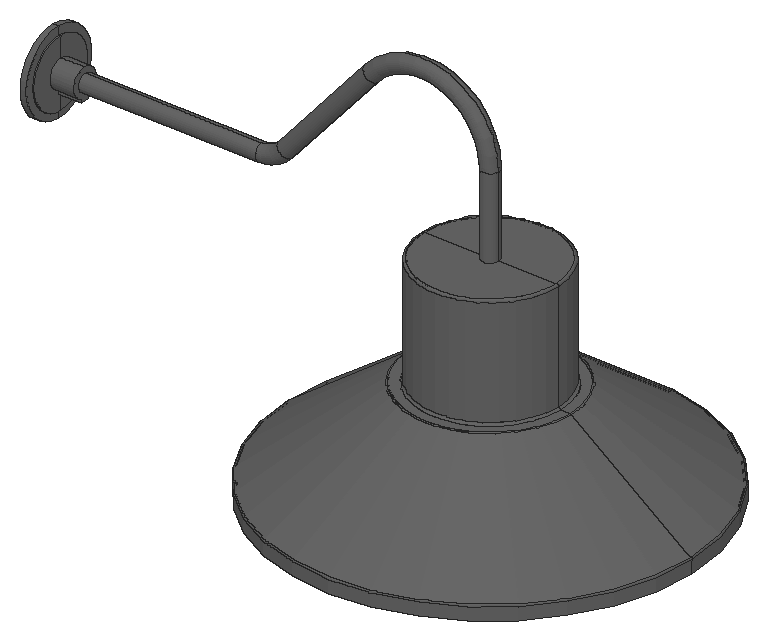
Revit family "VEC 12,16,20,24", category Lighting Fixtures, Revit 2020
Family settings
  Round Connector Dimension = Use Diameter
  Part Type = Normal
  OmniClass Number = 23.80.70.00
  OmniClass Title = Lighting
  Work Plane-Based = No
  Always vertical = Yes
  Cut with Voids When Loaded = No
  Light Source = Yes
  Shared = No
  Room Calculation Point = No
Parameters (values of type "VEC24")
  b = 0' - 0"
  a = 0' - 8 1/2"
  Weight = "6.0lb"
  Wattage Comments = "16W"
  Wattage = 13.4642 W
  Warranty = "5 year limited warranty"  # constant formula
  built-in parameter 1150110 = 1 (stored number, unit not read)
  Voltage = 220 V  # constant formula
  VEC24 = yes
  VEC20 = no
  VEC16 = no
  VEC12 = no
  URL = "https://www.anplighting.com/assets/Uploads/product-attachments/specification-sheets/ANP-Specification-Sheet-RLM-LED-VEC24.pdf"
  built-in parameter 1114217 = 1 (stored number, unit not read)
  Tilt Angle = 90.00°
  built-in parameter 1150109 = 1 (stored number, unit not read)
  built-in parameter 1150134 = 12
  built-in parameter 1150113 = 1 (stored number, unit not read)
  Photometric Web File = "VEC24M016LDDW40K.ies"
  Mounting Option [instance] = 2
  Power Factor = 1
  Post Mount [instance] = Mounting Option = 5  # no
  Placement X axis side [instance] = if(Post Mount, 2' 2 15/32", if(Cord or Stem Mount, 0' 0", if(E36 20 inch, 1' 8 1/4", if(E 6 26 inch, 2' 2", if(E7 41 inch, 3' 5 1/4", 0' 1")))))  # 2' - 2"
  Model = "VEC24"
  Manufacturer = "ANP Lighting"  # constant formula
  built-in parameter 1150105 = 159.15 (stored number, unit not read)
  Lumens = 2000 lm
  built-in parameter 1150115 = 1 (stored number, unit not read)
  Load Classification = Lighting
  Light Source Height [instance] = 0' - 0"
  built-in parameter 1150137 = (empty or 0)
  built-in parameter 1150139 = (empty or 0)
  Light Elevation _2 [instance] = if(Post Mount, 0' 0.66142", if(E7 41 inch, 0' 0.66142", if(E36 20 inch, 0' 1.65748", if(E 6 26 inch, 0' 1.53543", if(Cord or Stem Mount, (0' 4.3622" + Cord Length), 0' 0")))))  # 0' - 1.53543"
  Light Elevation _1 [instance] = if(Post Mount, 0' 0", if(E7 41 inch, 0' 0", if(E36 20 inch, 0' 1", if(E 6 26 inch, 0' 0.87402", if(Cord or Stem Mount, (0' 3.66142" + Cord Length), 0' 0")))))  # 0' - 0.87402"
  Light Elevation [instance] = if(Post Mount, 14' 0.5315", if(E7 41 inch, 0' 0", 0' 0"))  # 0' - 0"
  Life = "L70 50,000 hours"  # constant formula
  built-in parameter 1150112 = 1 (stored number, unit not read)
  built-in parameter 1150114 = 1 (stored number, unit not read)
  Lamp = "LED"
  built-in parameter 1150132 = 2
  built-in parameter 1150102 = (empty or 0)
  built-in parameter 1150107 = 4000 (stored number, unit not read)
  built-in parameter 1150138 = (empty or 0)
  built-in parameter 1150106 = 1.5915 (stored number, unit not read)
  HUB = Steel, Paint Finish, Dark Gray, Matte
  Fixture Height = 1' - 0 5/8"
  Fixture Diameter = 2' - 0"
  Efficiency = "71-108 lumens per watt"  # constant formula
  built-in parameter 1150104 = 13.8 (stored number, unit not read)
  E7 41 inch [instance] = Mounting Option = 4  # no
  E36 20 inch [instance] = Mounting Option = 3  # no
  E 6 26 inch [instance] = Mounting Option = 2  # yes
  Dimming Lamp Color Temperature Shift = <None>
  Dimming = "1%"  # constant formula
  Description = "120-277 Voltage"  # constant formula
  Default Elevation = 0' - 0"
  Cord or Stem Mount [instance] = Mounting Option = 1  # no
  Cord Length option [instance] = 0
  Cord Length [instance] = if([2' Cord], 2' 0", if([4' Cord], 4' 0", if([8' Cord], 8' 0", if([10' Cord], 10' 0", if([6' Cord], 6' 0", 6' 0")))))  # 6' - 0"
  Construction Material = "Heavy Duty spun aluminum."  # constant formula
  Color Filter = 16777215
  Canopy Body = body
  CRI = ">90"  # constant formula
  Bulb = Bulb
  Body Material = body
  Body Colour = "Spun aluminium"  # constant formula
  built-in parameter 1114218 = 1 (stored number, unit not read)
  built-in parameter 1150133 = 10 (stored number, unit not read)
  Apparent Load = 16 VA
  8' Cord [instance] = Cord Length option = 8  # no
  6' Cord [instance] = Cord Length option = 6  # no
  4' Cord [instance] = Cord Length option = 4  # no
  2' Cord [instance] = Cord Length option = 2  # no
  10' Cord [instance] = Cord Length option = 10  # no
Types (5): name | a | Weight | VEC24 | VEC20 | VEC16 | VEC12 | URL | Photometric Web File | Model | Fixture Height | Fixture Diameter
  (no name) | 0' - 8 1/2" | "6.0lb" | yes | no | no | no | "https://www.anplighting.com/assets/Uploads/product-attachments/specification-sheets/ANP-Specification-Sheet-RLM-LED-VEC24.pdf" | "VEC24M016LDDW40K.ies" | "VEC24" | 1' - 0 5/8" | 2' - 0"
  VEC12 | 0' - 6" | "2.0lb" | no | no | no | yes | "https://www.anplighting.com/assets/Uploads/product-attachments/specification-sheets/ANP-Specification-Sheet-RLM-LED-VEC12.pdf" | "VEC12M016LDDW40K.ies" | "VEC12" | 0' - 6 5/16" | 1' - 0"
  VEC16 | 0' - 6" | "3.0lb" | no | no | yes | no | "https://www.anplighting.com/assets/Uploads/product-attachments/specification-sheets/ANP-Specification-Sheet-RLM-LED-VEC16.pdf" | "VEC16M016LDDW40K.ies" | "VEC16" | 0' - 8 3/8" | 1' - 4"
  VEC20 | 0' - 7 1/2" | "6.0lb" | no | yes | no | no | "https://www.anplighting.com/assets/Uploads/product-attachments/specification-sheets/ANP-Specification-Sheet-RLM-LED-VEC20.pdf" | "VEC20M016LDDW40K.ies" | "VEC20" | 0' - 10 1/2" | 1' - 8"
  VEC24 | 0' - 8 1/2" | "6.0lb" | yes | no | no | no | "https://www.anplighting.com/assets/Uploads/product-attachments/specification-sheets/ANP-Specification-Sheet-RLM-LED-VEC24.pdf" | "VEC24M016LDDW40K.ies" | "VEC24" | 1' - 0 5/8" | 2' - 0"
Reference planes (in)
  plane 1 "Light Source Axis (F/B)": y = 0
  plane 2: z = 0
  plane 3 "Light Source Axis (L/R)": x = 0
  plane 4 "Light Source Elevation": z = 0
  plane 5: z = 0
  plane 6: x = 26
  plane 7 "Bulb Position": z = -1.53543
  plane 8 "Canopy Position": z = -0.87402
  plane 9 "IES": z = -1.53543
  plane 10: z = 164.5315
  plane 11: z = -9.37402
  plane 12: z = -9.37402
  plane 13: z = -6.94289
Dimensions and locks (in)
  "Light Elevation": plane 5 to plane 2
  "Placement X axis side": plane 6 to plane 3 "Light Source Axis (L/R)"
  "Light Elevation _2": plane 5 to plane 7 "Bulb Position"
  "Light Elevation _1": plane 5 to plane 8 "Canopy Position"
  "Light Source Height": plane 7 "Bulb Position" to plane 9 "IES"
  locked: plane 4 "Light Source Elevation" to plane 2
  "a": plane 8 "Canopy Position" to plane 11
  "b": plane 12 to plane 11
  locked: plane 13 to plane 12 at 2.43113
  aligned and locked: level to plane 2
  aligned and locked: plane 1 "Light Source Axis (F/B)" to nested 5
  aligned and locked: nested 5 to plane 2
  aligned and locked: nested 1 to plane 3 "Light Source Axis (L/R)"
  aligned and locked: plane 3 "Light Source Axis (L/R)" to nested 2
  aligned and locked: plane 3 "Light Source Axis (L/R)" to nested 4
  aligned and locked: nested 3 to plane 5
  aligned and locked: plane 3 "Light Source Axis (L/R)" to nested 3
  aligned and locked: plane 1 "Light Source Axis (F/B)" to nested 2
  aligned and locked: plane 1 "Light Source Axis (F/B)" to nested 1
  aligned and locked: plane 1 "Light Source Axis (F/B)" to nested 4
  aligned and locked: plane 1 "Light Source Axis (F/B)" to nested 3
  aligned and locked: plane 2 to nested 1
  aligned and locked: plane 2 to nested 2
  aligned and locked: nested 4 to plane 2
  aligned and locked: plane 6 to imposter light
  aligned and locked: imposter light to plane 12
  aligned and locked: imposter light to plane 1 "Light Source Axis (F/B)"
  aligned and locked: nested 6 to plane 8 "Canopy Position"
  aligned and locked: nested 7 to plane 8 "Canopy Position"
  aligned and locked: nested 8 to plane 8 "Canopy Position"
  aligned and locked: nested 9 to plane 8 "Canopy Position"
  aligned and locked: plane 6 to nested 6
  aligned and locked: plane 6 to nested 7
  aligned and locked: plane 6 to nested 8
  aligned and locked: plane 6 to nested 9
Nested families (in)
  nested 1: "CORD OR STEM MOUNT" at (0, 0, -75.67), visible <- "Cord or Stem Mount", Cord or Stem Mount <- "Cord or Stem Mount", Body Material <- "Body Material", Light Elevation <- "Light Elevation", Cord Length <- "Cord Length", 10' Cord <- "10' Cord", 2' Cord <- "2' Cord", 4' Cord <- "4' Cord", 6' Cord <- "6' Cord", 8' Cord <- "8' Cord", type "CORD OR STEM MOUNT"
    with Light Elevation 0' - 0", Cord or Stem Mount no, Cord Length 6' - 0", Body Material body, 8' Cord no, 6' Cord no, 4' Cord no, 2' Cord no, 10' Cord no
  nested 2: "E6 26 INCH" at (26, 0, 0), visible <- "E 6 26 inch", Chain Length <- "Cord Length", E 6 26 inch <- "E 6 26 inch", Placement X axis side <- "Placement X axis side", Body Material <- "Body Material", Light Elevation <- "Light Elevation", type "E6 26 INCH"
    with Placement X axis side 2' - 2", Light Elevation 0' - 0", E 6 26 inch yes, Chain Length 6' - 0", Body Material body
  nested 3: "E7 41 INCH" at (26, 0, 0), Chain Length <- "Cord Length", visible <- "E7 41 inch", E7 41 inch <- "E7 41 inch", Placement X axis side <- "Placement X axis side", Body Material <- "Body Material", Light Elevation <- "Light Elevation", type "E7 41 INCH"
    with Placement X axis side 2' - 2", Light Elevation 0' - 0", E7 41 inch no, Chain Length 6' - 0", Body Material body
  nested 4: "E36 20 INCH" at (26, 0, 0), visible <- "E36 20 inch", E36 20 inch <- "E36 20 inch", Placement X axis side <- "Placement X axis side", Chain Length <- "Cord Length", Body Material <- "Body Material", Light Elevation <- "Light Elevation", type "E36 20 INCH"
    with Placement X axis side 2' - 2", Light Elevation 0' - 0", E36 20 inch no, Chain Length 6' - 0", Body Material body
  nested 5: "POST MOUNT" at (26, 0, 0), visible <- "Post Mount", Post Mount <- "Post Mount", Placement X axis side <- "Placement X axis side", Chain Length <- "Cord Length", Body Material <- "Body Material", Light Elevation <- "Light Elevation", type "POST MOUNT"
    with Post Mount no, Placement X axis side 2' - 2", Light Elevation 0' - 0", Chain Length 6' - 0", Body Material body
  nested 6: "VEC12 A" at (26, 0, -0.87402), Body <- "Canopy Body", Light Elevation <- "Light Elevation", VEC12 <- "VEC12", visible <- "VEC12", INSIDE BODY <- "HUB", Bulb <- "Bulb", type "VEC12 A"
    with VEC12 no, Light Elevation 0' - 0", INSIDE BODY Steel, Paint Finish, Dark Gray, Matte, Bulb Bulb, Body body
  nested 7: "VEC16 A" at (26, 0, -0.87402), Body <- "Canopy Body", Light Elevation <- "Light Elevation", VEC16 <- "VEC16", visible <- "VEC16", Bulb <- "Bulb", type "VEC16 A"
    with VEC16 no, Light Elevation 0' - 0", INSIDE BODY none, Bulb Bulb, Body body
  nested 8: "VEC20 A" at (26, 0, -0.87402), Body <- "Canopy Body", Light Elevation <- "Light Elevation", VEC20 <- "VEC20", visible <- "VEC20", Bulb <- "Bulb", type "VEC20 A"
    with VEC20 no, Light Elevation 0' - 0", INSIDE BODY none, Bulb Bulb, Body body
  nested 9: "VEC24 A" at (26, 0, -0.87402), Body <- "Canopy Body", Light Elevation <- "Light Elevation", VEC24 <- "VEC24", visible <- "VEC24", Bulb <- "Bulb", type "VEC24 A"
    with VEC24 yes, Light Elevation 0' - 0", INSIDE BODY none, Bulb Bulb, Body body
Definition of nested family "E6 26 INCH"
  Parameters (values of type "E6 26 INCH")
    URL = ""
    Placement X axis side [instance] = 2' - 2"
    Model = ""
    Manufacturer = ""
    Light Elevation [instance] = 8' - 4"
    E 6 26 inch [instance] = yes
    Default Elevation = 0' - 0"
    Chain Length [instance] = 0' - 0"
    Body Material [instance] = none
  Reference planes (in)
    plane 1 "Light Source Axis (F/B)": y = 0
    plane 2: z = 0
    plane 3 "Light Source Axis (L/R)": x = 0
    plane 4 "Light Source Elevation": z = 23.125
    plane 5: z = 100
    plane 6: x = -26
    plane 7: z = 99.125
    plane 8: x = -24.12
    plane 9: x = -25.5474
  Forms (in)
    Extrusion 1, void, not visible
      sketch origin (0, 0, 2.38154) x (1, 0, 0) y (0, 0, 1)
        loop
          circle (0, 4.59925) r 0.16583
      from 1.18594 to 1.75
    Extrusion 2, void, not visible
      sketch origin (0, 0, 2.38154) x (0.707107, -0.707107, 0) y (0, 0, 1)
        loop
          circle (0, 4.59925) r 0.16583
      from 1.18594 to 1.75
    Extrusion 3, void, not visible
      sketch origin (0, 0, 2.38154) x (0.707107, 0.707107, 0) y (0, 0, 1)
        loop
          circle (0, 4.59925) r 0.16583
      from 1.18594 to 1.75
    Extrusion 4, void, not visible
      sketch origin (0, 0, 2.38154) x (0, 1, 0) y (0, 0, 1)
        loop
          circle (0, 4.59925) r 0.16583
      from 1.18594 to 1.75
    Extrusion 5, void, not visible
      sketch origin (0, 0, 2.38154) x (-0.707107, 0.707107, 0) y (0, 0, 1)
        loop
          circle (0, 4.59925) r 0.16583
      from 1.18594 to 1.75
    Extrusion 6, void, not visible
      sketch origin (0, 0, 2.38154) x (-1, 0, 0) y (0, 0, 1)
        loop
          circle (0, 4.59925) r 0.20678
      from 1.18594 to 1.75
    Extrusion 7, void, not visible
      sketch origin (0, 0, 2.38154) x (-0.707107, -0.707107, 0) y (0, 0, 1)
        loop
          circle (0, 4.59925) r 0.16583
      from 1.18594 to 1.75
    Extrusion 8, void, not visible
      sketch origin (0, 0, 2.38154) x (0, -1, 0) y (0, 0, 1)
        loop
          circle (0, 4.59925) r 0.16583
      from 1.18594 to 1.75
    Sweep 9, solid, material <- "Body Material", visible <- "E 6 26 inch"
      path origin (-41.25, 0, 168.51693) x (1, 0, 0) y (0, 0, 1)
        loop
          line (17.13, -68.51693) -> (27.68551, -68.51693)
          arc (27.68551, -68.51693) -> (28.47996, -68.34486) -> (29.13202, -67.8595) r 1.92004
          line (29.13202, -67.8595) -> (34.23651, -62.01155)
          arc (34.23651, -62.01155) -> (38.65464, -60.89667) -> (41.25, -64.64193) r 4
          line (41.25, -64.64193) -> (41.25, -69.39193)
      profile origin (-18.84224, 0, 100) x (0, 0, 1) y (0, -1, 0)
        loop
          circle (0, 0) r 0.5
    Revolve 10, solid, material <- "Body Material", visible <- "E 6 26 inch"
      sketch origin (-26, 0, 168.51693) x (1, 0, 0) y (0, 0, 1)
        loop
          line (0, -66.07943) -> (0, -68.51693) -> (1.88, -68.51693) -> (1.88, -67.69272) -> (0.4526, -67.69272) -> (0.4526, -66.54122) -> (0.33125, -66.54122) -> (0.33125, -66.07943) -> (0, -66.07943)
        axis (0, -68.51693) -> (1.88, -68.51693)
      angle from 0 to 360
    Extrusion 11, solid, material <- "Body Material", visible <- "E 6 26 inch"
      sketch origin (-26, 0, 168.51693) x (0, -1, 0) y (0, 0, -1)
        loop
          line (0.25, 68.51693) -> (0.25, 69.51693) -> (-0.25, 69.51693) -> (-0.25, 68.51693) -> (0.25, 68.51693)
      from 0.4526 to 1.88
  Cuts and joins
    joined: Revolve 10, Extrusion 11
  Dimensions and locks (in)
    "Light Elevation": plane 5 to plane 2
    "Placement X axis side": plane 3 "Light Source Axis (L/R)" to plane 6
    locked: plane 5 to plane 7 at 0.875
    Revolve 10 sketch curve to Revolve 10 sketch curve to Revolve 10 sketch curve to plane 6 = 0' - 1.4274" locked, 0' - 0.12135" locked, 0' - 0.33125" locked
    Revolve 10 sketch curve to Revolve 10 sketch curve to Revolve 10 sketch curve to plane 5 = 0' - 0.46179" locked, 0' - 1.1515" locked, 0' - 0 211/256" locked
    locked: Sweep 9 sketch curve to plane 6 at 1.88
    locked: Sweep 9 sketch curve to Sweep 9 sketch curve at 10.55551
    locked: Sweep 9 sketch curve to Sweep 9 sketch curve at 13.56449
    locked: Sweep 9 sketch curve to Sweep 9 sketch curve at 4.75
    locked: plane 9 to plane 6 at 0.4526
    locked: plane 8 to plane 9 at 1.4274
    aligned and locked: level to plane 2
    aligned and locked: Revolve 10 sketch curve to plane 6
    aligned and locked: plane 5 to Revolve 10 sketch curve
    aligned and locked: Revolve 10 sketch curve to plane 5
    aligned and locked: cut or joined group of Revolve 10, Extrusion 11 to plane 9
    aligned and locked: plane 8 to cut or joined group of Revolve 10, Extrusion 11
  Automatic sketch dimensions
    Sweep 9 sketch curve to plane 5 = 0' - 0"
    Sweep 9 sketch curve to Sweep 9 sketch curve = 0' - 4"
    Sweep 9 sketch curve to Sweep 9 sketch curve = 0' - 3.01349"
    plane 5 to Sweep 9 sketch curve = 0' - 0.65743"
    Sweep 9 sketch curve to Sweep 9 sketch curve = 0' - 1.4465"
    Sweep 9 sketch curve to plane 5 = 0' - 0 7/8"
    profile plane to Sweep 9 sketch curve = 0' - 0"
    Sweep 9 sketch curve to profile plane = 0' - 0"
    plane 6 to Revolve 10 sketch curve = 0' - 0.62562"
    Revolve 10 sketch curve to Revolve 10 sketch curve = 0' - 0 1/2"
    Extrusion 11 sketch curve to plane 5 = 0' - 0"
    plane 1 "Light Source Axis (F/B)" to Extrusion 11 sketch curve = 0' - 0 1/4"
    Extrusion 11 sketch curve to plane 1 "Light Source Axis (F/B)" = 0' - 0 1/4"
    plane 5 to Extrusion 11 sketch curve = 0' - 1"
    radius of Sweep 9 sketch curve = 0' - 0 1/2"
Definition of nested family "VEC24 A"
  Parameters (values of type "VEC24 A")
    VEC24 [instance] = yes
    Light Elevation [instance] = 0' - 0"
    INSIDE BODY [instance] = none
    Default Elevation = 0' - 0"
    Bulb [instance] = none
    Body [instance] = none
  Reference planes (in)
    plane 1 "Center (Front/Back)": y = 0
    plane 2: z = 0
    plane 3 "Center (Left/Right)": x = 0
    plane 4: z = 0
  Dimensions and locks (in)
    "Light Elevation": plane 4 to plane 2
    aligned and locked: plane 2 to level
    aligned and locked: plane 3 "Center (Left/Right)" to nested 1
    aligned and locked: plane 1 "Center (Front/Back)" to nested 1
    aligned and locked: plane 4 to nested 1
  Nested families (in)
    nested 1: "VEC24" at (0, 0, -12.625), INSIDE BODY <- "INSIDE BODY", Bulb <- "Bulb", Body <- "Body", visible <- "VEC24", VEC24 <- "VEC24", type "VEC24"
      with VEC24 yes, INSIDE BODY none, Bulb none, Body none
  Definition of nested family "VEC24"
    Parameters
      VEC24 [instance] = yes
      INSIDE BODY [instance] = none
      Default Elevation = 0' - 0"
      Bulb [instance] = none
      Body [instance] = none
    Reference planes (in)
      plane 1 "Center (Front/Back)": y = 0
      plane 2: z = 0
      plane 3 "Center (Left/Right)": x = 0
    Forms (in)
      Revolve 1, solid, material <- "Body", visible <- "VEC24"
        sketch origin (0, 0, 0) x (1, 0, 0) y (0, 0, 1)
          loop
            line (0.5, 12.625) -> (0.5, 12.545) -> (3.9375, 12.545)
            arc (3.9375, 12.545) -> (3.96932, 12.53182) -> (3.9825, 12.5) r 0.045
            line (3.9825, 12.5) -> (3.9825, 6.125)
            arc (3.9825, 6.125) -> (4.04254, 5.98004) -> (4.1875, 5.92) r 0.205
            line (4.1875, 5.92) -> (4.78665, 5.92) -> (11.90134, 0.78505)
            arc (11.90134, 0.78505) -> (11.91506, 0.76905) -> (11.92, 0.74856) r 0.045
            line (11.92, 0.74856) -> (11.92, 0) -> (12, 0) -> (12, 0.74856)
            arc (12, 0.74856) -> (11.98629, 0.80549) -> (11.94815, 0.84992) r 0.125
            line (11.94815, 0.84992) -> (4.84526, 5.97636)
            arc (4.84526, 5.97636) -> (4.81054, 5.99394) -> (4.7721, 6) r 0.125
            line (4.7721, 6) -> (4.1875, 6)
            arc (4.1875, 6) -> (4.09911, 6.03661) -> (4.0625, 6.125) r 0.125
            line (4.0625, 6.125) -> (4.0625, 12.5)
            arc (4.0625, 12.5) -> (4.02589, 12.58839) -> (3.9375, 12.625) r 0.125
            line (3.9375, 12.625) -> (0.5, 12.625)
          axis (0, 12.625) -> (0, 0)
        angle from 0 to 360
      Revolve 2, solid, material <- "Bulb", visible <- "VEC24"
        sketch origin (0, 0, 0) x (1, 0, 0) y (0, 0, 1)
          loop
            line (4.21875, 5.67) -> (4.21875, 5.92) -> (0, 5.92) -> (0, 5.67) -> (4.21875, 5.67)
          axis (0, 5.92) -> (0, 5.67)
        angle from 0 to 360
      Revolve 3, solid, material <- "Bulb", visible <- "VEC24"
        sketch origin (0, 0, 0) x (1, 0, 0) y (0, 0, 1)
          loop
            arc (0, 4.24992) -> (0.84855, 4.59818) -> (1.20777, 5.44214) r 1.20787
            line (1.20777, 5.44214) -> (1.73626, 5.44214) -> (1.73228, 5.67) -> (0, 5.67) -> (0, 4.24992)
          axis (0, 5.67) -> (0, 4.24992)
        angle from 0 to 360
      Revolve 4, solid, material <- "INSIDE BODY", visible <- "VEC24"
        sketch origin (0, 0, 0) x (1, 0, 0) y (0, 0, 1)
          loop
            line (4.78001, 5.87401) -> (4.22359, 5.87401) -> (4.22359, 5.82401) -> (4.76384, 5.82401) -> (11.8075, 0.7373) -> (11.8075, 0) -> (11.8575, 0) -> (11.8575, 0.73945)
            arc (11.8575, 0.73945) -> (11.85248, 0.7603) -> (11.83851, 0.77658) r 0.0458
            line (11.83851, 0.77658) -> (4.78001, 5.87401)
          axis (0, 5.87401) -> (0, 0)
        angle from 0 to 360
    Dimensions and locks (in)
      locked: Revolve 2 to plane 2 at 5.67
      aligned and locked: plane 2 to level
Definition of nested family "CORD OR STEM MOUNT"
  Parameters (values of type "CORD OR STEM MOUNT")
    URL = ""
    Model = ""
    Manufacturer = ""
    Light Elevation [instance] = 1' - 7.69"
    Default Elevation = 0' - 0"
    Cord or Stem Mount [instance] = yes
    Cord Length [instance] = 6' - 0"
    Body Material [instance] = none
    8' Cord [instance] = no
    6' Cord [instance] = no
    4' Cord [instance] = no
    2' Cord [instance] = no
    10' Cord [instance] = no
  Reference planes (in)
    plane 1 "Light Source Axis (F/B)": y = 0
    plane 2: z = 0
    plane 3 "Light Source Axis (L/R)": x = 0
    plane 4 "Light Source Elevation": z = 23.125
    plane 5: z = 91.69
    plane 6: z = 19.69
  Forms (in)
    Extrusion 1, void, not visible
      sketch origin (0, 0, 2.38154) x (1, 0, 0) y (0, 0, 1)
        loop
          circle (0, 4.59925) r 0.16583
      from 1.18594 to 1.75
    Extrusion 2, void, not visible
      sketch origin (0, 0, 2.38154) x (0.707107, -0.707107, 0) y (0, 0, 1)
        loop
          circle (0, 4.59925) r 0.16583
      from 1.18594 to 1.75
    Extrusion 3, void, not visible
      sketch origin (0, 0, 2.38154) x (0.707107, 0.707107, 0) y (0, 0, 1)
        loop
          circle (0, 4.59925) r 0.16583
      from 1.18594 to 1.75
    Extrusion 4, void, not visible
      sketch origin (0, 0, 2.38154) x (0, 1, 0) y (0, 0, 1)
        loop
          circle (0, 4.59925) r 0.16583
      from 1.18594 to 1.75
    Extrusion 5, void, not visible
      sketch origin (0, 0, 2.38154) x (-0.707107, 0.707107, 0) y (0, 0, 1)
        loop
          circle (0, 4.59925) r 0.16583
      from 1.18594 to 1.75
    Extrusion 6, void, not visible
      sketch origin (0, 0, 2.38154) x (-1, 0, 0) y (0, 0, 1)
        loop
          circle (0, 4.59925) r 0.20678
      from 1.18594 to 1.75
    Extrusion 7, void, not visible
      sketch origin (0, 0, 2.38154) x (-0.707107, -0.707107, 0) y (0, 0, 1)
        loop
          circle (0, 4.59925) r 0.16583
      from 1.18594 to 1.75
    Extrusion 8, void, not visible
      sketch origin (0, 0, 2.38154) x (0, -1, 0) y (0, 0, 1)
        loop
          circle (0, 4.59925) r 0.16583
      from 1.18594 to 1.75
    Revolve 9, solid, material <- "Body Material", visible <- "Cord or Stem Mount"
      sketch origin (0, 0, 174.56698) x (1, 0, 0) y (0, 0, 1)
        loop
          line (2.6875, -79.20698) -> (0, -79.20698) -> (0, -82.87698) -> (0.125, -82.87698) -> (0.125, -82.83698) -> (0.75, -82.83698)
          arc (0.75, -82.83698) -> (0.81694, -82.77004) -> (0.75, -82.7031) r 0.06694
          line (0.75, -82.7031) -> (0.89763, -82.7031) -> (1.00223, -82.5985) -> (1.06587, -82.5985)
          arc (1.06587, -82.5985) -> (1.80099, -82.29401) -> (2.10549, -81.55888) r 1.03962
          line (2.10549, -81.55888) -> (2.10549, -81.03899)
          arc (2.10549, -81.03899) -> (2.12951, -80.981) -> (2.1875, -80.95698) r 0.08201
          line (2.1875, -80.95698) -> (2.1875, -80.70698) -> (2.6875, -80.70698) -> (2.6875, -79.20698)
        axis (0, -79.20698) -> (0, -82.87698)
      angle from 0 to 360
    Revolve 10, solid, material <- "Body Material", visible <- "Cord or Stem Mount"
      sketch origin (0, 0, 0) x (1, 0, 0) y (0, 0, 1)
        loop
          line (0, 91.69) -> (-0.125, 91.69) -> (-0.125, 19.69) -> (0, 19.69) -> (0, 91.69)
        axis (0, 19.69) -> (0, 91.69)
      angle from 0 to 360
  Dimensions and locks (in)
    "Light Elevation": plane 6 to plane 2
    "Cord Length": plane 5 to plane 6
    locked: Revolve 10 sketch curve to Revolve 10 sketch curve at 0.125
    aligned and locked: level to plane 2
    aligned and locked: Revolve 10 sketch curve to plane 3 "Light Source Axis (L/R)"
    aligned and locked: Revolve 10 sketch curve to plane 6
    aligned and locked: Revolve 10 sketch curve to plane 5
    aligned and locked: plane 3 "Light Source Axis (L/R)" to Revolve 10 sketch curve
  Automatic sketch dimensions
    Revolve 9 sketch curve to plane 3 "Light Source Axis (L/R)" = 0' - 0"  (x2)
    Revolve 9 sketch curve to plane 5 = 0' - 0"
    plane 3 "Light Source Axis (L/R)" to Revolve 9 sketch curve = 0' - 0 1/8"
    Revolve 9 sketch curve to plane 5 = 0' - 0.17388"
    Revolve 9 sketch curve to Revolve 9 sketch curve = 0' - 0 5/8"
    Revolve 9 sketch curve to Revolve 9 sketch curve = 0' - 0.14763"
    Revolve 9 sketch curve to plane 5 = 0' - 0.27847"
    Revolve 9 sketch curve to Revolve 9 sketch curve = 0' - 0.1046"
    Revolve 9 sketch curve to Revolve 9 sketch curve = 0' - 0.06364"
    Revolve 9 sketch curve to Revolve 9 sketch curve = 0' - 1.03962"
    Revolve 9 sketch curve to Revolve 9 sketch curve = 0' - 0 21/256"
    Revolve 9 sketch curve to Revolve 9 sketch curve = 0' - 0 1/2"  (x2)
    Revolve 9 sketch curve to Revolve 9 sketch curve = 0' - 0.51989"
    Revolve 9 sketch curve to Revolve 9 sketch curve = 0' - 0 1/4"
    Revolve 9 sketch curve to Revolve 9 sketch curve = 0' - 2.3519"
    Revolve 9 sketch curve to Revolve 9 sketch curve = 0' - 1 1/4"
    Revolve 9 sketch curve to Revolve 9 sketch curve = 0' - 0.04"
    Revolve 10 sketch curve to Revolve 10 sketch curve = 0' - 0 1/2"
    Revolve 10 sketch curve to Revolve 10 sketch curve = 0' - 0.42345"
Definition of nested family "E7 41 INCH"
  Parameters (values of type "E7 41 INCH")
    URL = ""
    Placement X axis side [instance] = 4' - 2"
    Model = ""
    Manufacturer = ""
    Light Elevation [instance] = 8' - 4"
    E7 41 inch [instance] = yes
    Default Elevation = 0' - 0"
    Chain Length [instance] = 0' - 0"
    Body Material [instance] = none
  Reference planes (in)
    plane 1 "Light Source Axis (F/B)": y = 0
    plane 2: z = 0
    plane 3 "Light Source Axis (L/R)": x = 0
    plane 4 "Light Source Elevation": z = 23.125
    plane 5: z = 100
    plane 6: x = -50
  Forms (in)
    Extrusion 1, void, not visible
      sketch origin (0, 0, 2.38154) x (1, 0, 0) y (0, 0, 1)
        loop
          circle (0, 4.59925) r 0.16583
      from 1.18594 to 1.75
    Extrusion 2, void, not visible
      sketch origin (0, 0, 2.38154) x (0.707107, -0.707107, 0) y (0, 0, 1)
        loop
          circle (0, 4.59925) r 0.16583
      from 1.18594 to 1.75
    Extrusion 3, void, not visible
      sketch origin (0, 0, 2.38154) x (0.707107, 0.707107, 0) y (0, 0, 1)
        loop
          circle (0, 4.59925) r 0.16583
      from 1.18594 to 1.75
    Extrusion 4, void, not visible
      sketch origin (0, 0, 2.38154) x (0, 1, 0) y (0, 0, 1)
        loop
          circle (0, 4.59925) r 0.16583
      from 1.18594 to 1.75
    Extrusion 5, void, not visible
      sketch origin (0, 0, 2.38154) x (-0.707107, 0.707107, 0) y (0, 0, 1)
        loop
          circle (0, 4.59925) r 0.16583
      from 1.18594 to 1.75
    Extrusion 6, void, not visible
      sketch origin (0, 0, 2.38154) x (-1, 0, 0) y (0, 0, 1)
        loop
          circle (0, 4.59925) r 0.20678
      from 1.18594 to 1.75
    Extrusion 7, void, not visible
      sketch origin (0, 0, 2.38154) x (-0.707107, -0.707107, 0) y (0, 0, 1)
        loop
          circle (0, 4.59925) r 0.16583
      from 1.18594 to 1.75
    Extrusion 8, void, not visible
      sketch origin (0, 0, 2.38154) x (0, -1, 0) y (0, 0, 1)
        loop
          circle (0, 4.59925) r 0.16583
      from 1.18594 to 1.75
    Revolve 9, solid, material <- "Body Material", visible <- "E7 41 inch"
      sketch origin (-41.25, 0, 168.39193) x (1, 0, 0) y (0, 0, 1)
        loop
          line (-8.75, -66.20443) -> (-8.75, -68.51693) -> (-6.87, -68.51693) -> (-6.87, -67.69272) -> (-8.2974, -67.69272) -> (-8.2974, -66.54122) -> (-8.41875, -66.54122) -> (-8.41875, -66.20443) -> (-8.75, -66.20443)
        axis (-8.75, -68.51693) -> (-6.87, -68.51693)
      angle from 0 to 360
    Extrusion 10, solid, material <- "Body Material", visible <- "E7 41 inch"
      sketch origin (-41.25, 0, 168.39193) x (0, -1, 0) y (0, 0, -1)
        loop
          line (0.25, 68.51693) -> (0.25, 69.51693) -> (-0.25, 69.51693) -> (-0.25, 68.51693) -> (0.25, 68.51693)
      from -8.2974 to -6.87
    Sweep 11, solid, material <- "Body Material", visible <- "E7 41 inch"
      path origin (-41.25, 0, 168.39193) x (1, 0, 0) y (0, 0, 1)
        loop
          line (-6.87, -68.51693) -> (16.04011, -68.51693)
          arc (16.04011, -68.51693) -> (17.864, -68.13651) -> (19.38375, -67.0587) r 4.5625
          line (19.38375, -67.0587) -> (24.70217, -61.33018)
          arc (24.70217, -61.33018) -> (29.64465, -60.20324) -> (32.5, -64.39193) r 4.5
          line (32.5, -64.39193) -> (32.5, -68.39193)
      profile origin (-36.66494, 0, 99.875) x (0, 0, 1) y (0, -1, 0)
        loop
          circle (0, 0) r 0.5
  Dimensions and locks (in)
    "Placement X axis side": plane 3 "Light Source Axis (L/R)" to plane 6
    "Light Elevation": plane 5 to plane 2
    locked: Revolve 9 sketch curve to Revolve 9 sketch curve at 0.33125
    locked: Revolve 9 sketch curve to Revolve 9 sketch curve at 0.4526
    locked: Revolve 9 sketch curve to Revolve 9 sketch curve at 1.88
    locked: Revolve 9 sketch curve to Revolve 9 sketch curve at 0.82421
    locked: Revolve 9 sketch curve to Revolve 9 sketch curve at 1.1515
    locked: Revolve 9 sketch curve to Revolve 9 sketch curve at 0.33679
    locked: plane 5 to Revolve 9 sketch curve at 0.125
    locked: Extrusion 10 sketch curve to Extrusion 10 sketch curve at 0.5
    locked: Extrusion 10 sketch curve to Extrusion 10 sketch curve at 1
    locked: plane 5 to Extrusion 10 sketch curve at 0.125
    locked: plane 5 to Sweep 11 sketch curve at 0.125
    locked: Sweep 11 sketch curve to Sweep 11 sketch curve at 39.37
    locked: Sweep 11 sketch curve to Sweep 11 sketch curve at 4
    locked: plane 6 to Extrusion 10 at 0.4526
    locked: Sweep 11 sketch curve to plane 6 at 1.88
    locked: Extrusion 10 to Extrusion 10 at 1.4274
    aligned and locked: plane 2 to level
    aligned and locked: Revolve 9 sketch curve to plane 6
  Automatic sketch dimensions
    Revolve 9 sketch curve to plane 5 = 0' - 0 1/8"
    plane 6 to Revolve 9 sketch curve = 0' - 0.62562"
    Revolve 9 sketch curve to Revolve 9 sketch curve = 0' - 0 1/2"
    plane 1 "Light Source Axis (F/B)" to Extrusion 10 sketch curve = 0' - 0 1/4"
    Sweep 11 sketch curve to plane 5 = 0' - 0"
    Sweep 11 sketch curve to Sweep 11 sketch curve = 0' - 4 1/2"
    Sweep 11 sketch curve to Sweep 11 sketch curve = 0' - 3.29783"
    plane 5 to Sweep 11 sketch curve = 0' - 1.33323"
    Sweep 11 sketch curve to Sweep 11 sketch curve = 0' - 5.31842"
    Sweep 11 sketch curve to Sweep 11 sketch curve = 0' - 3.34364"
    profile plane to Sweep 11 sketch curve = 0' - 0"
    Sweep 11 sketch curve to profile plane = 0' - 0"
    radius of Sweep 11 sketch curve = 0' - 0 1/2"
Definition of nested family "E36 20 INCH"
  Parameters (values of type "E36 20 INCH")
    URL = ""
    Placement X axis side [instance] = 1' - 8 1/4"
    Model = ""
    Manufacturer = ""
    Light Elevation [instance] = 8' - 4"
    E36 20 inch [instance] = yes
    Default Elevation = 0' - 0"
    Chain Length [instance] = 0' - 0"
    Body Material [instance] = none
  Reference planes (in)
    plane 1 "Light Source Axis (F/B)": y = 0
    plane 2: z = 0
    plane 3 "Light Source Axis (L/R)": x = 0
    plane 4 "Light Source Elevation": z = 23.125
    plane 5: z = 99
    plane 6: x = -20.25
    plane 7: z = 100
    plane 8: x = -18.37008
    plane 9: x = -19.79724
  Forms (in)
    Extrusion 1, void, not visible
      sketch origin (0, 0, 2.38154) x (1, 0, 0) y (0, 0, 1)
        loop
          circle (0, 4.59925) r 0.16583
      from 1.18594 to 1.75
    Extrusion 2, void, not visible
      sketch origin (0, 0, 2.38154) x (0.707107, -0.707107, 0) y (0, 0, 1)
        loop
          circle (0, 4.59925) r 0.16583
      from 1.18594 to 1.75
    Extrusion 3, void, not visible
      sketch origin (0, 0, 2.38154) x (0.707107, 0.707107, 0) y (0, 0, 1)
        loop
          circle (0, 4.59925) r 0.16583
      from 1.18594 to 1.75
    Extrusion 4, void, not visible
      sketch origin (0, 0, 2.38154) x (0, 1, 0) y (0, 0, 1)
        loop
          circle (0, 4.59925) r 0.16583
      from 1.18594 to 1.75
    Extrusion 5, void, not visible
      sketch origin (0, 0, 2.38154) x (-0.707107, 0.707107, 0) y (0, 0, 1)
        loop
          circle (0, 4.59925) r 0.16583
      from 1.18594 to 1.75
    Extrusion 6, void, not visible
      sketch origin (0, 0, 2.38154) x (-1, 0, 0) y (0, 0, 1)
        loop
          circle (0, 4.59925) r 0.20678
      from 1.18594 to 1.75
    Extrusion 7, void, not visible
      sketch origin (0, 0, 2.38154) x (-0.707107, -0.707107, 0) y (0, 0, 1)
        loop
          circle (0, 4.59925) r 0.16583
      from 1.18594 to 1.75
    Extrusion 8, void, not visible
      sketch origin (0, 0, 2.38154) x (0, -1, 0) y (0, 0, 1)
        loop
          circle (0, 4.59925) r 0.16583
      from 1.18594 to 1.75
    Sweep 9, solid, material <- "Body Material", visible <- "E36 20 inch"
      path origin (-41.25, 0, 169.51693) x (1, 0, 0) y (0, 0, 1)
        loop
          line (22.88, -69.51693) -> (28.93827, -69.51693)
          arc (28.93827, -69.51693) -> (29.97705, -69.28152) -> (30.81284, -68.62128) r 2.40953
          line (30.81284, -68.62128) -> (34.13807, -64.50378)
          arc (34.13807, -64.50378) -> (38.58272, -63.24548) -> (41.25, -67.01693) r 4
          line (41.25, -67.01693) -> (41.25, -70.51693)
      profile origin (-15.34086, 0, 100) x (0, 0, 1) y (0, -1, 0)
        loop
          circle (0, 0) r 0.5
    Revolve 10, solid, material <- "Body Material", visible <- "E36 20 inch"
      sketch origin (-20.25, 0, 169.51693) x (1, 0, 0) y (0, 0, 1)
        loop
          line (0, -67.20443) -> (0, -69.51693) -> (1.88, -69.51693) -> (1.88, -68.69272) -> (0.4526, -68.69272) -> (0.4526, -67.54122) -> (0.33125, -67.54122) -> (0.33125, -67.20443) -> (0, -67.20443)
        axis (0, -69.51693) -> (1.88, -69.51693)
      angle from 0 to 360
    Extrusion 11, solid, material <- "Body Material", visible <- "E36 20 inch"
      sketch origin (-20.25, 0, 169.51693) x (0, -1, 0) y (0, 0, -1)
        loop
          line (0.25, 69.51693) -> (0.25, 70.51693) -> (-0.25, 70.51693) -> (-0.25, 69.51693) -> (0.25, 69.51693)
      from 1.87992 to 0.45276
  Cuts and joins
    joined: Revolve 10, Extrusion 11
  Dimensions and locks (in)
    "Light Elevation": plane 7 to plane 2
    "Placement X axis side": plane 3 "Light Source Axis (L/R)" to plane 6
    locked: plane 7 to plane 5 at 1
    Revolve 10 sketch curve to Revolve 10 sketch curve to Revolve 10 sketch curve to plane 7 = 0' - 0.33679" locked, 0' - 1.1515" locked, 0' - 0 211/256" locked
    locked: Sweep 9 sketch curve to plane 6 at 1.88
    locked: Sweep 9 sketch curve to Sweep 9 sketch curve at 6.05827
    locked: Sweep 9 sketch curve to Sweep 9 sketch curve at 12.31173
    locked: Sweep 9 sketch curve to Sweep 9 sketch curve at 3.5
    Revolve 10 sketch curve to Revolve 10 sketch curve to Revolve 10 sketch curve to plane 6 = 0' - 1.4274" locked, 0' - 0.12135" locked, 0' - 0.33125" locked
    locked: plane 9 to plane 6 at 0.45276
    locked: plane 8 to plane 9 at 1.42717
    aligned and locked: level to plane 2
    aligned and locked: plane 7 to Revolve 10 sketch curve
    aligned and locked: Revolve 10 sketch curve to plane 7
    aligned and locked: Revolve 10 sketch curve to plane 6
    aligned and locked: cut or joined group of Revolve 10, Extrusion 11 to plane 9
    aligned and locked: plane 8 to cut or joined group of Revolve 10, Extrusion 11
  Automatic sketch dimensions
    Sweep 9 sketch curve to plane 7 = 0' - 0"
    Sweep 9 sketch curve to plane 5 = 0' - 0"
    Sweep 9 sketch curve to Sweep 9 sketch curve = 0' - 4"
    Sweep 9 sketch curve to plane 7 = 0' - 0.89565"
    Sweep 9 sketch curve to Sweep 9 sketch curve = 0' - 3.32523"
    Sweep 9 sketch curve to Sweep 9 sketch curve = 0' - 1.87457"
    profile plane to Sweep 9 sketch curve = 0' - 0"
    Sweep 9 sketch curve to profile plane = 0' - 0"
    plane 6 to Revolve 10 sketch curve = 0' - 0.62562"
    Revolve 10 sketch curve to Revolve 10 sketch curve = 0' - 0 1/2"
    plane 7 to Extrusion 11 sketch curve = 0' - 0"
    Extrusion 11 sketch curve to plane 5 = 0' - 0"
    plane 1 "Light Source Axis (F/B)" to Extrusion 11 sketch curve = 0' - 0 1/4"
    Extrusion 11 sketch curve to plane 1 "Light Source Axis (F/B)" = 0' - 0 1/4"
    radius of Sweep 9 sketch curve = 0' - 0 1/2"
Definition of nested family "POST MOUNT"
  Parameters (values of type "POST MOUNT")
    URL = ""
    Post Mount [instance] = yes
    Placement X axis side [instance] = 2' - 2 1/2"
    Model = ""
    Manufacturer = ""
    Light Elevation [instance] = 14' - 0.5168"
    Default Elevation = 0' - 0"
    Chain Length [instance] = 0' - 0"
    Body Material [instance] = none
  Reference planes (in)
    plane 1 "Light Source Axis (F/B)": y = 0
    plane 2: z = 0
    plane 3 "Light Source Axis (L/R)": x = 0
    plane 4 "Light Source Elevation": z = 23.125
    plane 5: x = -26.5
    plane 6: z = 168.5168
  Forms (in)
    Extrusion 1, void, not visible
      sketch origin (0, 0, 2.38154) x (1, 0, 0) y (0, 0, 1)
        loop
          circle (0, 4.59925) r 0.16583
      from 1.18594 to 1.75
    Extrusion 2, void, not visible
      sketch origin (0, 0, 2.38154) x (0.707107, -0.707107, 0) y (0, 0, 1)
        loop
          circle (0, 4.59925) r 0.16583
      from 1.18594 to 1.75
    Extrusion 3, void, not visible
      sketch origin (0, 0, 2.38154) x (0.707107, 0.707107, 0) y (0, 0, 1)
        loop
          circle (0, 4.59925) r 0.16583
      from 1.18594 to 1.75
    Extrusion 4, void, not visible
      sketch origin (0, 0, 2.38154) x (0, 1, 0) y (0, 0, 1)
        loop
          circle (0, 4.59925) r 0.16583
      from 1.18594 to 1.75
    Extrusion 5, void, not visible
      sketch origin (0, 0, 2.38154) x (-0.707107, 0.707107, 0) y (0, 0, 1)
        loop
          circle (0, 4.59925) r 0.16583
      from 1.18594 to 1.75
    Extrusion 6, void, not visible
      sketch origin (0, 0, 2.38154) x (-1, 0, 0) y (0, 0, 1)
        loop
          circle (0, 4.59925) r 0.20678
      from 1.18594 to 1.75
    Extrusion 7, void, not visible
      sketch origin (0, 0, 2.38154) x (-0.707107, -0.707107, 0) y (0, 0, 1)
        loop
          circle (0, 4.59925) r 0.16583
      from 1.18594 to 1.75
    Extrusion 8, void, not visible
      sketch origin (0, 0, 2.38154) x (0, -1, 0) y (0, 0, 1)
        loop
          circle (0, 4.59925) r 0.16583
      from 1.18594 to 1.75
    Revolve 9, solid, material <- "Body Material", visible <- "Post Mount"
      sketch origin (-7.90508, 0, 0) x (1, 0, 0) y (0, 0, 1)
        loop
          line (-18.59492, 3.92912) -> (-16.29831, 3.92912) -> (-16.29831, 4.2668) -> (-16.91413, 4.2668) -> (-16.91413, 134.5168) -> (-17.16413, 134.5168) -> (-17.16413, 137.3918) -> (-17.05979, 137.3918)
          arc (-17.05979, 137.3918) -> (-16.93479, 137.5168) -> (-17.05979, 137.6418) r 0.125
          line (-17.05979, 137.6418) -> (-17.48032, 137.6418) -> (-17.48032, 139.0793) -> (-17.73032, 139.0793) -> (-17.73032, 139.5793) -> (-18.59492, 139.5793) -> (-18.59492, 3.92912)
        axis (-18.59492, 139.5793) -> (-18.59492, 3.92912)
      angle from 0 to 360
    Extrusion 10, solid, material <- "Body Material", visible <- "Post Mount"
      sketch origin (0, 0, 0) x (1, 0, 0) y (0, 1, 0)
        loop
          line (-20.5, 5.93079) -> (-32.5, 5.93079) -> (-32.5, -6.06921) -> (-20.5, -6.06921) -> (-20.5, 5.93079)
      from 0 to 3.92912
    Sweep 11, solid, material <- "Body Material", visible <- "Post Mount"
      path origin (0, 0, 48.5) x (1, 0, 0) y (0, 0, 1)
        loop
          line (0, 120.0168) -> (0, 128.0168)
          arc (0, 128.0168) -> (-13.25, 141.2668) -> (-26.5, 128.0168) r 13.25
          line (-26.5, 128.0168) -> (-26.5, 91.0793)
      profile origin (0, 0, 172.5168) x (-1, 0, 0) y (0, -1, 0)
        loop
          circle (0, 0) r 0.5
    Revolve 12, solid, material <- "Body Material", visible <- "Post Mount"
      sketch origin (0, 0, 0) x (1, 0, 0) y (0, 0, 1)
        loop
          line (0, 168.5168) -> (0.75, 168.5168) -> (0.75, 170.7668) -> (0, 170.7668) -> (0, 168.5168)
        axis (0, 170.7668) -> (0, 168.5168)
      angle from 0 to 360
  Cuts and joins
    joined: Revolve 9, Extrusion 10, Sweep 11, Revolve 12
  Dimensions and locks (in)
    "Placement X axis side": plane 3 "Light Source Axis (L/R)" to plane 5
    "Light Elevation": plane 6 to plane 2
    locked: Revolve 12 sketch curve to plane 5 at 26.5  (x2)
    locked: Revolve 9 sketch curve to plane 2 at 3.92912
    locked: Revolve 9 sketch curve to plane 5 at 2.29661
    locked: Revolve 9 sketch curve to plane 5 at 1.68079
    locked: Revolve 9 sketch curve to plane 5 at 1.43079
    locked: Revolve 9 sketch curve to plane 5 at 1.11461
    locked: Revolve 9 sketch curve to plane 5 at 0.86461
    locked: Revolve 9 sketch curve to Revolve 9 sketch curve at 130.58768
    locked: Revolve 9 sketch curve to Revolve 9 sketch curve at 2.875
    locked: Revolve 9 sketch curve to Revolve 9 sketch curve at 0.25
    locked: Revolve 9 sketch curve to Revolve 9 sketch curve at 1.4375
    locked: Revolve 9 sketch curve to Revolve 9 sketch curve at 0.5
    locked: Sweep 11 sketch curve to Sweep 11 sketch curve at 26.5
    locked: Revolve 12 sketch curve to Revolve 12 sketch curve at 0.75
    locked: cut or joined group of Revolve 9, Extrusion 10, Sweep 11, Revolve 12 to plane 2 at 139.5793
    aligned and locked: level to plane 2
    aligned and locked: plane 5 to Sweep 11 sketch curve
    aligned and locked: Revolve 9 sketch curve to plane 5
  Automatic sketch dimensions
    Revolve 9 sketch curve to plane 5 = 0' - 0"
    Revolve 9 sketch curve to Revolve 9 sketch curve = 0' - 0.10434"
    Revolve 9 sketch curve to Revolve 9 sketch curve = 0' - 0.33768"
    Revolve 9 sketch curve to Revolve 9 sketch curve = 0' - 0 1/4"
    Revolve 9 sketch curve to Revolve 9 sketch curve = 0' - 0 7/16"
    Extrusion 10 sketch curve to plane 5 = 0' - 6"
    plane 5 to Extrusion 10 sketch curve = 0' - 6"
    plane 1 "Light Source Axis (F/B)" to Extrusion 10 sketch curve = 0' - 6.06921"
    Extrusion 10 sketch curve to plane 1 "Light Source Axis (F/B)" = 0' - 5.93079"
    Sweep 11 sketch curve to profile plane = 0' - 0"
    profile plane to Sweep 11 sketch curve = 0' - 0"
    Sweep 11 sketch curve to plane 6 = 0' - 0"
    Sweep 11 sketch curve to plane 6 = 0' - 8"
    plane 6 to Sweep 11 sketch curve = 2' - 4 15/16"
    Revolve 12 sketch curve to plane 6 = 0' - 0"
    Revolve 12 sketch curve to plane 6 = 0' - 2 1/4"
    Revolve 12 sketch curve to Revolve 12 sketch curve = 0' - 0 1/2"
    Revolve 12 sketch curve to Revolve 12 sketch curve = 0' - 0"
    radius of Sweep 11 sketch curve = 0' - 0 1/2"
Definition of nested family "VEC12 A"
  Parameters (values of type "VEC12 A")
    VEC12 [instance] = yes
    Light Elevation [instance] = 0' - 0"
    INSIDE BODY [instance] = none
    Default Elevation = 0' - 0"
    Bulb [instance] = none
    Body [instance] = none
  Reference planes (in)
    plane 1 "Center (Front/Back)": y = 0
    plane 2: z = 0
    plane 3 "Center (Left/Right)": x = 0
    plane 4: z = 0
  Dimensions and locks (in)
    "Light Elevation": plane 4 to plane 2
    aligned and locked: plane 2 to level
    aligned and locked: plane 3 "Center (Left/Right)" to nested 1
    aligned and locked: plane 1 "Center (Front/Back)" to nested 1
    aligned and locked: plane 4 to nested 1
  Nested families (in)
    nested 1: "VEC12" at (0, 0, -6.31242), Bulb <- "Bulb", Body <- "Body", visible <- "VEC12", INSIDE BODY <- "INSIDE BODY", VEC12 <- "VEC12", type "VEC12"
      with VEC12 yes, Bulb none, Body none
  Definition of nested family "VEC12"
    Parameters
      VEC12 [instance] = yes
      INSIDE BODY [instance] = none
      Default Elevation = 0' - 0"
      Bulb [instance] = none
      Body [instance] = none
    Reference planes (in)
      plane 1 "Center (Front/Back)": y = 0
      plane 2: z = 0
      plane 3 "Center (Left/Right)": x = 0
    Forms (in)
      Revolve 1, solid, material <- "Body", visible <- "VEC12"
        sketch origin (0, 0, 0) x (1, 0, 0) y (0, 0, 1)
          loop
            arc (2, 6.18742) -> (1.96339, 6.27581) -> (1.875, 6.31242) r 0.125
            line (1.875, 6.31242) -> (0.14063, 6.31242) -> (0.14063, 6.23242) -> (1.875, 6.23242)
            arc (1.875, 6.23242) -> (1.90682, 6.21924) -> (1.92, 6.18742) r 0.045
            line (1.92, 6.18742) -> (1.92, 3.125)
            arc (1.92, 3.125) -> (1.98004, 2.98004) -> (2.125, 2.92) r 0.205
            line (2.125, 2.92) -> (2.38022, 2.92) -> (5.90144, 0.3633)
            arc (5.90144, 0.3633) -> (5.91509, 0.34732) -> (5.92, 0.32689) r 0.045
            line (5.92, 0.32689) -> (5.92, 0) -> (6, 0) -> (6, 0.32689)
            arc (6, 0.32689) -> (5.98637, 0.38365) -> (5.94844, 0.42803) r 0.125
            line (5.94844, 0.42803) -> (2.43905, 2.97615)
            arc (2.43905, 2.97615) -> (2.40422, 2.99389) -> (2.36561, 3) r 0.125
            line (2.36561, 3) -> (2.125, 3)
            arc (2.125, 3) -> (2.03661, 3.03661) -> (2, 3.125) r 0.125
            line (2, 3.125) -> (2, 6.18742)
          axis (0, 6.31242) -> (0, 0)
        angle from 0 to 360
      Revolve 2, solid, material <- "Bulb", visible <- "VEC12"
        sketch origin (0, 0, 0) x (1, 0, 0) y (0, 0, 1)
          loop
            line (2.79688, 2.1718) -> (2.79688, 2.2968) -> (0, 2.2968) -> (0, 2.1718) -> (2.79688, 2.1718)
          axis (0, 2.2968) -> (0, 2.1718)
        angle from 0 to 360
      Revolve 3, solid, material <- "Bulb", visible <- "VEC12"
        sketch origin (0, 0, 0) x (1, 0, 0) y (0, 0, 1)
          loop
            line (1.20777, 2.00473) -> (1.73572, 2.00473) -> (1.7328, 2.1718) -> (0, 2.1718) -> (0, 0.81251)
            arc (0, 0.81251) -> (0.84855, 1.16077) -> (1.20777, 2.00473) r 1.20787
          axis (0, 2.1718) -> (0, 0.81251)
        angle from 0 to 360
      Revolve 4, solid, material <- "INSIDE BODY", visible <- "VEC12"
        sketch origin (0, 0, 0) x (1, 0, 0) y (0, 0, 1)
          loop
            line (2.35494, 2.91424) -> (2.13995, 2.91424) -> (2.13995, 2.86424) -> (2.33869, 2.86424) -> (5.83609, 0.32324) -> (5.83609, -0.00373) -> (5.88609, -0.00373) -> (5.88609, 0.32697)
            arc (5.88609, 0.32697) -> (5.88319, 0.34316) -> (5.87451, 0.35713) r 0.0437
            line (5.87451, 0.35713) -> (2.35494, 2.91424)
          axis (0, 2.91424) -> (0, -0.00373)
        angle from 0 to 360
    Cuts and joins
      joined: Revolve 2, Revolve 3
    Dimensions and locks (in)
      locked: cut or joined group of Revolve 2, Revolve 3 to plane 2 at 2.2968
      aligned and locked: plane 2 to level
Definition of nested family "VEC16 A"
  Parameters (values of type "VEC16 A")
    VEC16 [instance] = yes
    Light Elevation [instance] = 0' - 0"
    INSIDE BODY [instance] = none
    Default Elevation = 0' - 0"
    Bulb [instance] = none
    Body [instance] = none
  Reference planes (in)
    plane 1 "Center (Front/Back)": y = 0
    plane 2: z = 0
    plane 3 "Center (Left/Right)": x = 0
    plane 4: z = 0
  Dimensions and locks (in)
    "Light Elevation": plane 4 to plane 2
    aligned and locked: plane 2 to level
    aligned and locked: plane 3 "Center (Left/Right)" to nested 1
    aligned and locked: plane 1 "Center (Front/Back)" to nested 1
    aligned and locked: plane 4 to nested 1
  Nested families (in)
    nested 1: "VEC16" at (0, 0, -8.375), INSIDE BODY <- "INSIDE BODY", Bulb <- "Bulb", Body <- "Body", visible <- "VEC16", VEC16 <- "VEC16", type "VEC16"
      with VEC16 yes, INSIDE BODY none, Bulb none, Body none
  Definition of nested family "VEC16"
    Parameters
      VEC16 [instance] = yes
      INSIDE BODY [instance] = none
      Default Elevation = 0' - 0"
      Bulb [instance] = none
      Body [instance] = none
    Reference planes (in)
      plane 1 "Center (Front/Back)": y = 0
      plane 2: z = 0
      plane 3 "Center (Left/Right)": x = 0
    Forms (in)
      Revolve 1, solid, material <- "Body", visible <- "VEC16"
        sketch origin (0, 0, 0) x (1, 0, 0) y (0, 0, 1)
          loop
            arc (2.6875, 8.25) -> (2.65089, 8.33839) -> (2.5625, 8.375) r 0.125
            line (2.5625, 8.375) -> (0.16406, 8.375) -> (0.16406, 8.295) -> (2.5625, 8.295)
            arc (2.5625, 8.295) -> (2.59432, 8.28182) -> (2.6075, 8.25) r 0.045
            line (2.6075, 8.25) -> (2.6075, 4.125)
            arc (2.6075, 4.125) -> (2.66754, 3.98004) -> (2.8125, 3.92) r 0.205
            line (2.8125, 3.92) -> (3.22409, 3.92) -> (7.90138, 0.53512)
            arc (7.90138, 0.53512) -> (7.91508, 0.51913) -> (7.92, 0.49866) r 0.045
            line (7.92, 0.49866) -> (7.92, 0) -> (8, 0) -> (8, 0.49866)
            arc (8, 0.49866) -> (7.98632, 0.55551) -> (7.94828, 0.59993) r 0.125
            line (7.94828, 0.59993) -> (3.2828, 3.97626)
            arc (3.2828, 3.97626) -> (3.24803, 3.99392) -> (3.20951, 4) r 0.125
            line (3.20951, 4) -> (2.8125, 4)
            arc (2.8125, 4) -> (2.72411, 4.03661) -> (2.6875, 4.125) r 0.125
            line (2.6875, 4.125) -> (2.6875, 8.25)
          axis (0, 8.375) -> (0, 0)
        angle from 0 to 360
      Revolve 2, solid, material <- "Bulb", visible <- "VEC16"
        sketch origin (0, 0, 0) x (1, 0, 0) y (0, 0, 1)
          loop
            line (2.67188, 3.795) -> (2.67188, 3.92) -> (0, 3.92) -> (0, 3.795) -> (2.67188, 3.795)
          axis (0, 3.92) -> (0, 3.795)
        angle from 0 to 360
      Revolve 3, solid, material <- "Bulb", visible <- "VEC16"
        sketch origin (0, 0, 0) x (1, 0, 0) y (0, 0, 1)
          loop
            arc (0, 2.43717) -> (0.83735, 2.77453) -> (1.20696, 3.59815) r 1.20787
            line (1.20696, 3.59815) -> (1.73572, 3.59815) -> (1.73228, 3.795) -> (0, 3.795) -> (0, 2.43717)
          axis (0, 3.795) -> (0, 2.43717)
        angle from 0 to 360
      Revolve 4, solid, material <- "INSIDE BODY", visible <- "VEC16"
        sketch origin (0, 0, 0) x (1, 0, 0) y (0, 0, 1)
          loop
            line (7.89656, 0) -> (7.89656, 0.48552)
            arc (7.89656, 0.48552) -> (7.89006, 0.51252) -> (7.872, 0.53361) r 0.05935
            line (7.872, 0.53361) -> (3.2238, 3.89545) -> (2.88412, 3.89545) -> (2.88412, 3.84545) -> (3.20761, 3.84545) -> (7.84656, 0.49029) -> (7.84656, 0) -> (7.89656, 0)
          axis (0, 3.89545) -> (0, 0)
        angle from 0 to 360
    Dimensions and locks (in)
      locked: Revolve 2 to plane 2 at 3.795
      aligned and locked: plane 2 to level
Definition of nested family "VEC20 A"
  Parameters (values of type "VEC20 A")
    VEC20 [instance] = yes
    Light Elevation [instance] = 0' - 0"
    INSIDE BODY [instance] = none
    Default Elevation = 0' - 0"
    Bulb [instance] = none
    Body [instance] = none
  Reference planes (in)
    plane 1 "Center (Front/Back)": y = 0
    plane 2: z = 0
    plane 3 "Center (Left/Right)": x = 0
    plane 4: z = 0
  Dimensions and locks (in)
    "Light Elevation": plane 4 to plane 2
    aligned and locked: plane 2 to level
    aligned and locked: plane 3 "Center (Left/Right)" to nested 1
    aligned and locked: plane 1 "Center (Front/Back)" to nested 1
    aligned and locked: plane 4 to nested 1
  Nested families (in)
    nested 1: "VEC20" at (0, 0, -10.5), INSIDE BODY <- "INSIDE BODY", Bulb <- "Bulb", Body <- "Body", visible <- "VEC20", VEC20 <- "VEC20", type "VEC20"
      with VEC20 yes, INSIDE BODY none, Bulb none, Body none
  Definition of nested family "VEC20"
    Parameters
      VEC20 [instance] = yes
      INSIDE BODY [instance] = none
      Default Elevation = 0' - 0"
      Bulb [instance] = none
      Body [instance] = none
    Reference planes (in)
      plane 1 "Center (Front/Back)": y = 0
      plane 2: z = 0
      plane 3 "Center (Left/Right)": x = 0
    Forms (in)
      Revolve 1, solid, material <- "Body", visible <- "VEC20"
        sketch origin (0, 0, 0) x (1, 0, 0) y (0, 0, 1)
          loop
            line (3.25, 10.5) -> (0.5, 10.5) -> (0.5, 10.42) -> (3.25, 10.42)
            arc (3.25, 10.42) -> (3.28182, 10.40682) -> (3.295, 10.375) r 0.045
            line (3.295, 10.375) -> (3.295, 5.125)
            arc (3.295, 5.125) -> (3.35504, 4.98004) -> (3.5, 4.92) r 0.205
            line (3.5, 4.92) -> (3.97405, 4.92) -> (9.90141, 0.62266)
            arc (9.90141, 0.62266) -> (9.91508, 0.60668) -> (9.92, 0.58623) r 0.045
            line (9.92, 0.58623) -> (9.92, 0) -> (10, 0) -> (10, 0.58623)
            arc (10, 0.58623) -> (9.98635, 0.64303) -> (9.94837, 0.68743) r 0.125
            line (9.94837, 0.68743) -> (4.03283, 4.9762)
            arc (4.03283, 4.9762) -> (3.99802, 4.9939) -> (3.95945, 5) r 0.125
            line (3.95945, 5) -> (3.5, 5)
            arc (3.5, 5) -> (3.41161, 5.03661) -> (3.375, 5.125) r 0.125
            line (3.375, 5.125) -> (3.375, 10.375)
            arc (3.375, 10.375) -> (3.33839, 10.46339) -> (3.25, 10.5) r 0.125
          axis (0, 10.5) -> (0, 0)
        angle from 0 to 360
      Revolve 2, solid, material <- "Bulb", visible <- "VEC20"
        sketch origin (0, 0, 0) x (1, 0, 0) y (0, 0, 1)
          loop
            line (3.844, 4.53772) -> (3.844, 4.78772) -> (0, 4.78772) -> (0, 4.53772) -> (3.844, 4.53772)
          axis (0, 4.78772) -> (0, 4.53772)
        angle from 0 to 360
      Revolve 3, solid, material <- "Bulb", visible <- "VEC20"
        sketch origin (0, 0, 0) x (1, 0, 0) y (0, 0, 1)
          loop
            arc (0, 3.24997) -> (0.81169, 3.56335) -> (1.2022, 4.34087) r 1.20787
            line (1.2022, 4.34087) -> (1.73572, 4.34087) -> (1.73228, 4.53772) -> (0, 4.53772) -> (0, 3.24997)
          axis (0, 3.24997) -> (0, 4.53772)
        angle from 0 to 360
      Revolve 4, solid, material <- "INSIDE BODY", visible <- "VEC20"
        sketch origin (0, 0, 0) x (1, 0, 0) y (0, 0, 1)
          loop
            line (3.93032, 4.9064) -> (3.61058, 4.9064) -> (3.61058, 4.8564) -> (3.9141, 4.8564) -> (9.83094, 0.56712) -> (9.83094, 0) -> (9.88094, 0) -> (9.88094, 0.56802)
            arc (9.88094, 0.56802) -> (9.87567, 0.58994) -> (9.86101, 0.60707) r 0.04823
            line (9.86101, 0.60707) -> (3.93032, 4.9064)
          axis (0, 0) -> (0, 4.9064)
        angle from 0 to 360
    Dimensions and locks (in)
      locked: Revolve 2 to plane 2 at 4.78772
      aligned and locked: plane 2 to level
